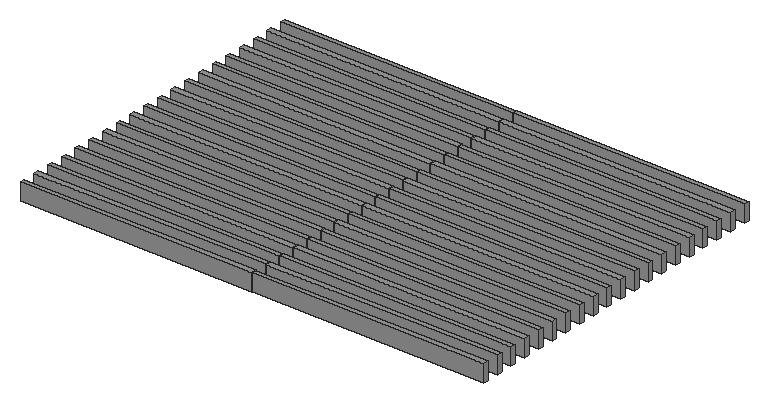
Revit family "BFL-FLD-001_RTV", category Modelos genéricos, Revit 2022
Family settings
  Puede alojar armadura = No
  Cota de conector redondo = Diámetro de uso
  Tipo de pieza = Normal
  Se basa en plano de trabajo = No
  Siempre vertical = Sí
  Corte con vacíos al cargar = No
  Mantener orientación de anotación = No
  Compartido = No
  Punto de cálculo de habitación = No
Parameters
  Elevación por defecto = 0.00"
Reference planes (in)
  plane 1 "Centro (Frontal/Posterior)": y = 0
  plane 2: z = 0
  plane 3 "Centro (Izquierda/Derecha)": x = 0
Forms (in)
  Extrusion 1, solid
    sketch origin (0, 0, 0) x (1, 0, 0) y (0, 1, 0)
      loop
        line (0, 2.25) -> (0, 0) -> (108, 0) -> (108, 2.25) -> (0, 2.25)
    from 0 to 8
  Extrusion 2, solid, not visible
    sketch origin (0, 0, 0) x (1, 0, 0) y (0, 1, 0)
      loop
        line (0, 2.25) -> (0, 0) -> (108, 0) -> (108, 2.25) -> (0, 2.25)
    from 0 to 8
  Extrusion 3, solid, not visible
    sketch origin (0, 0, 0) x (1, 0, 0) y (0, 1, 0)
      loop
        line (0, 2.25) -> (0, 0) -> (108, 0) -> (108, 2.25) -> (0, 2.25)
    from 0 to 8
  Extrusion 4, solid, not visible
    sketch origin (0, 8, 0) x (1, 0, 0) y (0, 1, 0)
      loop
        line (0, 2.25) -> (0, 0) -> (108, 0) -> (108, 2.25) -> (0, 2.25)
    from 0 to 8
  Extrusion 5, solid, not visible
    sketch origin (0, 16, 0) x (1, 0, 0) y (0, 1, 0)
      loop
        line (0, 2.25) -> (0, 0) -> (108, 0) -> (108, 2.25) -> (0, 2.25)
    from 0 to 8
  Extrusion 6, solid, not visible
    sketch origin (0, 24, 0) x (1, 0, 0) y (0, 1, 0)
      loop
        line (0, 2.25) -> (0, 0) -> (108, 0) -> (108, 2.25) -> (0, 2.25)
    from 0 to 8
  Extrusion 7, solid, not visible
    sketch origin (0, 32, 0) x (1, 0, 0) y (0, 1, 0)
      loop
        line (0, 2.25) -> (0, 0) -> (108, 0) -> (108, 2.25) -> (0, 2.25)
    from 0 to 8
  Extrusion 8, solid, not visible
    sketch origin (0, 40, 0) x (1, 0, 0) y (0, 1, 0)
      loop
        line (0, 2.25) -> (0, 0) -> (108, 0) -> (108, 2.25) -> (0, 2.25)
    from 0 to 8
  Extrusion 9, solid, not visible
    sketch origin (0, 48, 0) x (1, 0, 0) y (0, 1, 0)
      loop
        line (0, 2.25) -> (0, 0) -> (108, 0) -> (108, 2.25) -> (0, 2.25)
    from 0 to 8
  Extrusion 10, solid, not visible
    sketch origin (0, 56, 0) x (1, 0, 0) y (0, 1, 0)
      loop
        line (0, 2.25) -> (0, 0) -> (108, 0) -> (108, 2.25) -> (0, 2.25)
    from 0 to 8
  Extrusion 11, solid, not visible
    sketch origin (0, 64, 0) x (1, 0, 0) y (0, 1, 0)
      loop
        line (0, 2.25) -> (0, 0) -> (108, 0) -> (108, 2.25) -> (0, 2.25)
    from 0 to 8
  Extrusion 12, solid, not visible
    sketch origin (0, 72, 0) x (1, 0, 0) y (0, 1, 0)
      loop
        line (0, 2.25) -> (0, 0) -> (108, 0) -> (108, 2.25) -> (0, 2.25)
    from 0 to 8
  Extrusion 13, solid, not visible
    sketch origin (0, 80, 0) x (1, 0, 0) y (0, 1, 0)
      loop
        line (0, 2.25) -> (0, 0) -> (108, 0) -> (108, 2.25) -> (0, 2.25)
    from 0 to 8
  Extrusion 14, solid, not visible
    sketch origin (0, 88, 0) x (1, 0, 0) y (0, 1, 0)
      loop
        line (0, 2.25) -> (0, 0) -> (108, 0) -> (108, 2.25) -> (0, 2.25)
    from 0 to 8
  Extrusion 15, solid, not visible
    sketch origin (0, 96, 0) x (1, 0, 0) y (0, 1, 0)
      loop
        line (0, 2.25) -> (0, 0) -> (108, 0) -> (108, 2.25) -> (0, 2.25)
    from 0 to 8
  Extrusion 16, solid, not visible
    sketch origin (0, 104, 0) x (1, 0, 0) y (0, 1, 0)
      loop
        line (0, 2.25) -> (0, 0) -> (108, 0) -> (108, 2.25) -> (0, 2.25)
    from 0 to 8
  Extrusion 17, solid, not visible
    sketch origin (0, 112, 0) x (1, 0, 0) y (0, 1, 0)
      loop
        line (0, 2.25) -> (0, 0) -> (108, 0) -> (108, 2.25) -> (0, 2.25)
    from 0 to 8
  Extrusion 18, solid, not visible
    sketch origin (0, 120, 0) x (1, 0, 0) y (0, 1, 0)
      loop
        line (0, 2.25) -> (0, 0) -> (108, 0) -> (108, 2.25) -> (0, 2.25)
    from 0 to 8
  Extrusion 19, solid, not visible
    sketch origin (0, 128, 0) x (1, 0, 0) y (0, 1, 0)
      loop
        line (0, 2.25) -> (0, 0) -> (108, 0) -> (108, 2.25) -> (0, 2.25)
    from 0 to 8
  Extrusion 20, solid, not visible
    sketch origin (0, 136, 0) x (1, 0, 0) y (0, 1, 0)
      loop
        line (0, 2.25) -> (0, 0) -> (108, 0) -> (108, 2.25) -> (0, 2.25)
    from 0 to 8
  Extrusion 21, solid, not visible
    sketch origin (0, 144, 0) x (1, 0, 0) y (0, 1, 0)
      loop
        line (0, 2.25) -> (0, 0) -> (108, 0) -> (108, 2.25) -> (0, 2.25)
    from 0 to 8
  Extrusion 22, solid, not visible
    sketch origin (0, 152, 0) x (1, 0, 0) y (0, 1, 0)
      loop
        line (0, 2.25) -> (0, 0) -> (108, 0) -> (108, 2.25) -> (0, 2.25)
    from 0 to 8
  Extrusion 23, solid, not visible
    sketch origin (109, 0, 0) x (1, 0, 0) y (0, 1, 0)
      loop
        line (0, 2.25) -> (0, 0) -> (108, 0) -> (108, 2.25) -> (0, 2.25)
    from 0 to 8
  Extrusion 24, solid, not visible
    sketch origin (109, 8, 0) x (1, 0, 0) y (0, 1, 0)
      loop
        line (0, 2.25) -> (0, 0) -> (108, 0) -> (108, 2.25) -> (0, 2.25)
    from 0 to 8
  Extrusion 25, solid, not visible
    sketch origin (109, 16, 0) x (1, 0, 0) y (0, 1, 0)
      loop
        line (0, 2.25) -> (0, 0) -> (108, 0) -> (108, 2.25) -> (0, 2.25)
    from 0 to 8
  Extrusion 26, solid, not visible
    sketch origin (109, 24, 0) x (1, 0, 0) y (0, 1, 0)
      loop
        line (0, 2.25) -> (0, 0) -> (108, 0) -> (108, 2.25) -> (0, 2.25)
    from 0 to 8
  Extrusion 27, solid, not visible
    sketch origin (109, 32, 0) x (1, 0, 0) y (0, 1, 0)
      loop
        line (0, 2.25) -> (0, 0) -> (108, 0) -> (108, 2.25) -> (0, 2.25)
    from 0 to 8
  Extrusion 28, solid, not visible
    sketch origin (109, 40, 0) x (1, 0, 0) y (0, 1, 0)
      loop
        line (0, 2.25) -> (0, 0) -> (108, 0) -> (108, 2.25) -> (0, 2.25)
    from 0 to 8
  Extrusion 29, solid, not visible
    sketch origin (109, 48, 0) x (1, 0, 0) y (0, 1, 0)
      loop
        line (0, 2.25) -> (0, 0) -> (108, 0) -> (108, 2.25) -> (0, 2.25)
    from 0 to 8
  Extrusion 30, solid, not visible
    sketch origin (109, 56, 0) x (1, 0, 0) y (0, 1, 0)
      loop
        line (0, 2.25) -> (0, 0) -> (108, 0) -> (108, 2.25) -> (0, 2.25)
    from 0 to 8
  Extrusion 31, solid, not visible
    sketch origin (109, 64, 0) x (1, 0, 0) y (0, 1, 0)
      loop
        line (0, 2.25) -> (0, 0) -> (108, 0) -> (108, 2.25) -> (0, 2.25)
    from 0 to 8
  Extrusion 32, solid, not visible
    sketch origin (109, 72, 0) x (1, 0, 0) y (0, 1, 0)
      loop
        line (0, 2.25) -> (0, 0) -> (108, 0) -> (108, 2.25) -> (0, 2.25)
    from 0 to 8
  Extrusion 33, solid, not visible
    sketch origin (109, 80, 0) x (1, 0, 0) y (0, 1, 0)
      loop
        line (0, 2.25) -> (0, 0) -> (108, 0) -> (108, 2.25) -> (0, 2.25)
    from 0 to 8
  Extrusion 34, solid, not visible
    sketch origin (109, 88, 0) x (1, 0, 0) y (0, 1, 0)
      loop
        line (0, 2.25) -> (0, 0) -> (108, 0) -> (108, 2.25) -> (0, 2.25)
    from 0 to 8
  Extrusion 35, solid, not visible
    sketch origin (109, 96, 0) x (1, 0, 0) y (0, 1, 0)
      loop
        line (0, 2.25) -> (0, 0) -> (108, 0) -> (108, 2.25) -> (0, 2.25)
    from 0 to 8
  Extrusion 36, solid, not visible
    sketch origin (109, 104, 0) x (1, 0, 0) y (0, 1, 0)
      loop
        line (0, 2.25) -> (0, 0) -> (108, 0) -> (108, 2.25) -> (0, 2.25)
    from 0 to 8
  Extrusion 37, solid, not visible
    sketch origin (109, 112, 0) x (1, 0, 0) y (0, 1, 0)
      loop
        line (0, 2.25) -> (0, 0) -> (108, 0) -> (108, 2.25) -> (0, 2.25)
    from 0 to 8
  Extrusion 38, solid, not visible
    sketch origin (109, 120, 0) x (1, 0, 0) y (0, 1, 0)
      loop
        line (0, 2.25) -> (0, 0) -> (108, 0) -> (108, 2.25) -> (0, 2.25)
    from 0 to 8
  Extrusion 39, solid, not visible
    sketch origin (109, 128, 0) x (1, 0, 0) y (0, 1, 0)
      loop
        line (0, 2.25) -> (0, 0) -> (108, 0) -> (108, 2.25) -> (0, 2.25)
    from 0 to 8
  Extrusion 40, solid, not visible
    sketch origin (109, 136, 0) x (1, 0, 0) y (0, 1, 0)
      loop
        line (0, 2.25) -> (0, 0) -> (108, 0) -> (108, 2.25) -> (0, 2.25)
    from 0 to 8
  Extrusion 41, solid, not visible
    sketch origin (109, 144, 0) x (1, 0, 0) y (0, 1, 0)
      loop
        line (0, 2.25) -> (0, 0) -> (108, 0) -> (108, 2.25) -> (0, 2.25)
    from 0 to 8
  Extrusion 42, solid, not visible
    sketch origin (109, 152, 0) x (1, 0, 0) y (0, 1, 0)
      loop
        line (0, 2.25) -> (0, 0) -> (108, 0) -> (108, 2.25) -> (0, 2.25)
    from 0 to 8
  Extrusion 43, solid, not visible
    sketch origin (-108, 0, 0) x (1, 0, 0) y (0, 1, 0)
      loop
        line (0, 2.25) -> (0, 0) -> (108, 0) -> (108, 2.25) -> (0, 2.25)
    from 0 to 8
  Extrusion 44, solid, not visible
    sketch origin (-108, 8, 0) x (1, 0, 0) y (0, 1, 0)
      loop
        line (0, 2.25) -> (0, 0) -> (108, 0) -> (108, 2.25) -> (0, 2.25)
    from 0 to 8
  Extrusion 45, solid, not visible
    sketch origin (-108, 16, 0) x (1, 0, 0) y (0, 1, 0)
      loop
        line (0, 2.25) -> (0, 0) -> (108, 0) -> (108, 2.25) -> (0, 2.25)
    from 0 to 8
  Extrusion 46, solid, not visible
    sketch origin (-108, 24, 0) x (1, 0, 0) y (0, 1, 0)
      loop
        line (0, 2.25) -> (0, 0) -> (108, 0) -> (108, 2.25) -> (0, 2.25)
    from 0 to 8
  Extrusion 47, solid, not visible
    sketch origin (-108, 32, 0) x (1, 0, 0) y (0, 1, 0)
      loop
        line (0, 2.25) -> (0, 0) -> (108, 0) -> (108, 2.25) -> (0, 2.25)
    from 0 to 8
  Extrusion 48, solid, not visible
    sketch origin (-108, 40, 0) x (1, 0, 0) y (0, 1, 0)
      loop
        line (0, 2.25) -> (0, 0) -> (108, 0) -> (108, 2.25) -> (0, 2.25)
    from 0 to 8
  Extrusion 49, solid, not visible
    sketch origin (1, 0, 0) x (1, 0, 0) y (0, 1, 0)
      loop
        line (0, 2.25) -> (0, 0) -> (108, 0) -> (108, 2.25) -> (0, 2.25)
    from 0 to 8
  Extrusion 50, solid, not visible
    sketch origin (1, 8, 0) x (1, 0, 0) y (0, 1, 0)
      loop
        line (0, 2.25) -> (0, 0) -> (108, 0) -> (108, 2.25) -> (0, 2.25)
    from 0 to 8
  Extrusion 51, solid, not visible
    sketch origin (1, 16, 0) x (1, 0, 0) y (0, 1, 0)
      loop
        line (0, 2.25) -> (0, 0) -> (108, 0) -> (108, 2.25) -> (0, 2.25)
    from 0 to 8
  Extrusion 52, solid, not visible
    sketch origin (1, 24, 0) x (1, 0, 0) y (0, 1, 0)
      loop
        line (0, 2.25) -> (0, 0) -> (108, 0) -> (108, 2.25) -> (0, 2.25)
    from 0 to 8
  Extrusion 53, solid, not visible
    sketch origin (1, 32, 0) x (1, 0, 0) y (0, 1, 0)
      loop
        line (0, 2.25) -> (0, 0) -> (108, 0) -> (108, 2.25) -> (0, 2.25)
    from 0 to 8
  Extrusion 54, solid, not visible
    sketch origin (1, 40, 0) x (1, 0, 0) y (0, 1, 0)
      loop
        line (0, 2.25) -> (0, 0) -> (108, 0) -> (108, 2.25) -> (0, 2.25)
    from 0 to 8
  Extrusion 55, solid, not visible
    sketch origin (-108, 48, 0) x (1, 0, 0) y (0, 1, 0)
      loop
        line (0, 2.25) -> (0, 0) -> (108, 0) -> (108, 2.25) -> (0, 2.25)
    from 0 to 8
  Extrusion 56, solid, not visible
    sketch origin (-108, 56, 0) x (1, 0, 0) y (0, 1, 0)
      loop
        line (0, 2.25) -> (0, 0) -> (108, 0) -> (108, 2.25) -> (0, 2.25)
    from 0 to 8
  Extrusion 57, solid, not visible
    sketch origin (-108, 64, 0) x (1, 0, 0) y (0, 1, 0)
      loop
        line (0, 2.25) -> (0, 0) -> (108, 0) -> (108, 2.25) -> (0, 2.25)
    from 0 to 8
  Extrusion 58, solid, not visible
    sketch origin (-108, 72, 0) x (1, 0, 0) y (0, 1, 0)
      loop
        line (0, 2.25) -> (0, 0) -> (108, 0) -> (108, 2.25) -> (0, 2.25)
    from 0 to 8
  Extrusion 59, solid, not visible
    sketch origin (-108, 80, 0) x (1, 0, 0) y (0, 1, 0)
      loop
        line (0, 2.25) -> (0, 0) -> (108, 0) -> (108, 2.25) -> (0, 2.25)
    from 0 to 8
  Extrusion 60, solid, not visible
    sketch origin (1, 48, 0) x (1, 0, 0) y (0, 1, 0)
      loop
        line (0, 2.25) -> (0, 0) -> (108, 0) -> (108, 2.25) -> (0, 2.25)
    from 0 to 8
  Extrusion 61, solid, not visible
    sketch origin (1, 56, 0) x (1, 0, 0) y (0, 1, 0)
      loop
        line (0, 2.25) -> (0, 0) -> (108, 0) -> (108, 2.25) -> (0, 2.25)
    from 0 to 8
  Extrusion 62, solid, not visible
    sketch origin (1, 64, 0) x (1, 0, 0) y (0, 1, 0)
      loop
        line (0, 2.25) -> (0, 0) -> (108, 0) -> (108, 2.25) -> (0, 2.25)
    from 0 to 8
  Extrusion 63, solid, not visible
    sketch origin (1, 72, 0) x (1, 0, 0) y (0, 1, 0)
      loop
        line (0, 2.25) -> (0, 0) -> (108, 0) -> (108, 2.25) -> (0, 2.25)
    from 0 to 8
  Extrusion 64, solid, not visible
    sketch origin (1, 80, 0) x (1, 0, 0) y (0, 1, 0)
      loop
        line (0, 2.25) -> (0, 0) -> (108, 0) -> (108, 2.25) -> (0, 2.25)
    from 0 to 8
  Extrusion 65, solid, not visible
    sketch origin (-108, 88, 0) x (1, 0, 0) y (0, 1, 0)
      loop
        line (0, 2.25) -> (0, 0) -> (108, 0) -> (108, 2.25) -> (0, 2.25)
    from 0 to 8
  Extrusion 66, solid, not visible
    sketch origin (-108, 96, 0) x (1, 0, 0) y (0, 1, 0)
      loop
        line (0, 2.25) -> (0, 0) -> (108, 0) -> (108, 2.25) -> (0, 2.25)
    from 0 to 8
  Extrusion 67, solid, not visible
    sketch origin (-108, 104, 0) x (1, 0, 0) y (0, 1, 0)
      loop
        line (0, 2.25) -> (0, 0) -> (108, 0) -> (108, 2.25) -> (0, 2.25)
    from 0 to 8
  Extrusion 68, solid, not visible
    sketch origin (-108, 112, 0) x (1, 0, 0) y (0, 1, 0)
      loop
        line (0, 2.25) -> (0, 0) -> (108, 0) -> (108, 2.25) -> (0, 2.25)
    from 0 to 8
  Extrusion 69, solid, not visible
    sketch origin (-108, 120, 0) x (1, 0, 0) y (0, 1, 0)
      loop
        line (0, 2.25) -> (0, 0) -> (108, 0) -> (108, 2.25) -> (0, 2.25)
    from 0 to 8
  Extrusion 70, solid, not visible
    sketch origin (1, 88, 0) x (1, 0, 0) y (0, 1, 0)
      loop
        line (0, 2.25) -> (0, 0) -> (108, 0) -> (108, 2.25) -> (0, 2.25)
    from 0 to 8
  Extrusion 71, solid, not visible
    sketch origin (1, 96, 0) x (1, 0, 0) y (0, 1, 0)
      loop
        line (0, 2.25) -> (0, 0) -> (108, 0) -> (108, 2.25) -> (0, 2.25)
    from 0 to 8
  Extrusion 72, solid, not visible
    sketch origin (1, 104, 0) x (1, 0, 0) y (0, 1, 0)
      loop
        line (0, 2.25) -> (0, 0) -> (108, 0) -> (108, 2.25) -> (0, 2.25)
    from 0 to 8
  Extrusion 73, solid, not visible
    sketch origin (1, 112, 0) x (1, 0, 0) y (0, 1, 0)
      loop
        line (0, 2.25) -> (0, 0) -> (108, 0) -> (108, 2.25) -> (0, 2.25)
    from 0 to 8
  Extrusion 74, solid, not visible
    sketch origin (1, 120, 0) x (1, 0, 0) y (0, 1, 0)
      loop
        line (0, 2.25) -> (0, 0) -> (108, 0) -> (108, 2.25) -> (0, 2.25)
    from 0 to 8
  Extrusion 75, solid, not visible
    sketch origin (-108, 128, 0) x (1, 0, 0) y (0, 1, 0)
      loop
        line (0, 2.25) -> (0, 0) -> (108, 0) -> (108, 2.25) -> (0, 2.25)
    from 0 to 8
  Extrusion 76, solid, not visible
    sketch origin (-108, 136, 0) x (1, 0, 0) y (0, 1, 0)
      loop
        line (0, 2.25) -> (0, 0) -> (108, 0) -> (108, 2.25) -> (0, 2.25)
    from 0 to 8
  Extrusion 77, solid, not visible
    sketch origin (-108, 144, 0) x (1, 0, 0) y (0, 1, 0)
      loop
        line (0, 2.25) -> (0, 0) -> (108, 0) -> (108, 2.25) -> (0, 2.25)
    from 0 to 8
  Extrusion 78, solid, not visible
    sketch origin (-108, 152, 0) x (1, 0, 0) y (0, 1, 0)
      loop
        line (0, 2.25) -> (0, 0) -> (108, 0) -> (108, 2.25) -> (0, 2.25)
    from 0 to 8
  Extrusion 79, solid, not visible
    sketch origin (-108, 160, 0) x (1, 0, 0) y (0, 1, 0)
      loop
        line (0, 2.25) -> (0, 0) -> (108, 0) -> (108, 2.25) -> (0, 2.25)
    from 0 to 8
  Extrusion 80, solid, not visible
    sketch origin (1, 128, 0) x (1, 0, 0) y (0, 1, 0)
      loop
        line (0, 2.25) -> (0, 0) -> (108, 0) -> (108, 2.25) -> (0, 2.25)
    from 0 to 8
  Extrusion 81, solid, not visible
    sketch origin (1, 136, 0) x (1, 0, 0) y (0, 1, 0)
      loop
        line (0, 2.25) -> (0, 0) -> (108, 0) -> (108, 2.25) -> (0, 2.25)
    from 0 to 8
  Extrusion 82, solid, not visible
    sketch origin (1, 144, 0) x (1, 0, 0) y (0, 1, 0)
      loop
        line (0, 2.25) -> (0, 0) -> (108, 0) -> (108, 2.25) -> (0, 2.25)
    from 0 to 8
  Extrusion 83, solid, not visible
    sketch origin (1, 152, 0) x (1, 0, 0) y (0, 1, 0)
      loop
        line (0, 2.25) -> (0, 0) -> (108, 0) -> (108, 2.25) -> (0, 2.25)
    from 0 to 8
  Extrusion 84, solid, not visible
    sketch origin (1, 160, 0) x (1, 0, 0) y (0, 1, 0)
      loop
        line (0, 2.25) -> (0, 0) -> (108, 0) -> (108, 2.25) -> (0, 2.25)
    from 0 to 8
  Extrusion 85, solid
    sketch origin (108.25, 0, 0) x (1, 0, 0) y (0, 1, 0)
      loop
        line (0, 2.25) -> (0, 0) -> (108, 0) -> (108, 2.25) -> (0, 2.25)
    from 0 to 8
  Extrusion 86, solid
    sketch origin (0, 8, 0) x (1, 0, 0) y (0, 1, 0)
      loop
        line (0, 2.25) -> (0, 0) -> (108, 0) -> (108, 2.25) -> (0, 2.25)
    from 0 to 8
  Extrusion 87, solid
    sketch origin (108.25, 8, 0) x (1, 0, 0) y (0, 1, 0)
      loop
        line (0, 2.25) -> (0, 0) -> (108, 0) -> (108, 2.25) -> (0, 2.25)
    from 0 to 8
  Extrusion 88, solid
    sketch origin (0, 16, 0) x (1, 0, 0) y (0, 1, 0)
      loop
        line (0, 2.25) -> (0, 0) -> (108, 0) -> (108, 2.25) -> (0, 2.25)
    from 0 to 8
  Extrusion 89, solid
    sketch origin (108.25, 16, 0) x (1, 0, 0) y (0, 1, 0)
      loop
        line (0, 2.25) -> (0, 0) -> (108, 0) -> (108, 2.25) -> (0, 2.25)
    from 0 to 8
  Extrusion 90, solid
    sketch origin (0, 24, 0) x (1, 0, 0) y (0, 1, 0)
      loop
        line (0, 2.25) -> (0, 0) -> (108, 0) -> (108, 2.25) -> (0, 2.25)
    from 0 to 8
  Extrusion 91, solid
    sketch origin (108.25, 24, 0) x (1, 0, 0) y (0, 1, 0)
      loop
        line (0, 2.25) -> (0, 0) -> (108, 0) -> (108, 2.25) -> (0, 2.25)
    from 0 to 8
  Extrusion 92, solid
    sketch origin (0, 32, 0) x (1, 0, 0) y (0, 1, 0)
      loop
        line (0, 2.25) -> (0, 0) -> (108, 0) -> (108, 2.25) -> (0, 2.25)
    from 0 to 8
  Extrusion 93, solid
    sketch origin (108.25, 32, 0) x (1, 0, 0) y (0, 1, 0)
      loop
        line (0, 2.25) -> (0, 0) -> (108, 0) -> (108, 2.25) -> (0, 2.25)
    from 0 to 8
  Extrusion 94, solid
    sketch origin (0, 40, 0) x (1, 0, 0) y (0, 1, 0)
      loop
        line (0, 2.25) -> (0, 0) -> (108, 0) -> (108, 2.25) -> (0, 2.25)
    from 0 to 8
  Extrusion 95, solid
    sketch origin (108.25, 40, 0) x (1, 0, 0) y (0, 1, 0)
      loop
        line (0, 2.25) -> (0, 0) -> (108, 0) -> (108, 2.25) -> (0, 2.25)
    from 0 to 8
  Extrusion 96, solid
    sketch origin (0, 48, 0) x (1, 0, 0) y (0, 1, 0)
      loop
        line (0, 2.25) -> (0, 0) -> (108, 0) -> (108, 2.25) -> (0, 2.25)
    from 0 to 8
  Extrusion 97, solid
    sketch origin (108.25, 48, 0) x (1, 0, 0) y (0, 1, 0)
      loop
        line (0, 2.25) -> (0, 0) -> (108, 0) -> (108, 2.25) -> (0, 2.25)
    from 0 to 8
  Extrusion 98, solid
    sketch origin (0, 56, 0) x (1, 0, 0) y (0, 1, 0)
      loop
        line (0, 2.25) -> (0, 0) -> (108, 0) -> (108, 2.25) -> (0, 2.25)
    from 0 to 8
  Extrusion 99, solid
    sketch origin (108.25, 56, 0) x (1, 0, 0) y (0, 1, 0)
      loop
        line (0, 2.25) -> (0, 0) -> (108, 0) -> (108, 2.25) -> (0, 2.25)
    from 0 to 8
  Extrusion 100, solid
    sketch origin (0, 64, 0) x (1, 0, 0) y (0, 1, 0)
      loop
        line (0, 2.25) -> (0, 0) -> (108, 0) -> (108, 2.25) -> (0, 2.25)
    from 0 to 8
  Extrusion 101, solid
    sketch origin (108.25, 64, 0) x (1, 0, 0) y (0, 1, 0)
      loop
        line (0, 2.25) -> (0, 0) -> (108, 0) -> (108, 2.25) -> (0, 2.25)
    from 0 to 8
  Extrusion 102, solid
    sketch origin (0, 72, 0) x (1, 0, 0) y (0, 1, 0)
      loop
        line (0, 2.25) -> (0, 0) -> (108, 0) -> (108, 2.25) -> (0, 2.25)
    from 0 to 8
  Extrusion 103, solid
    sketch origin (108.25, 72, 0) x (1, 0, 0) y (0, 1, 0)
      loop
        line (0, 2.25) -> (0, 0) -> (108, 0) -> (108, 2.25) -> (0, 2.25)
    from 0 to 8
  Extrusion 104, solid
    sketch origin (0, 80, 0) x (1, 0, 0) y (0, 1, 0)
      loop
        line (0, 2.25) -> (0, 0) -> (108, 0) -> (108, 2.25) -> (0, 2.25)
    from 0 to 8
  Extrusion 105, solid
    sketch origin (108.25, 80, 0) x (1, 0, 0) y (0, 1, 0)
      loop
        line (0, 2.25) -> (0, 0) -> (108, 0) -> (108, 2.25) -> (0, 2.25)
    from 0 to 8
  Extrusion 106, solid
    sketch origin (0, 88, 0) x (1, 0, 0) y (0, 1, 0)
      loop
        line (0, 2.25) -> (0, 0) -> (108, 0) -> (108, 2.25) -> (0, 2.25)
    from 0 to 8
  Extrusion 107, solid
    sketch origin (108.25, 88, 0) x (1, 0, 0) y (0, 1, 0)
      loop
        line (0, 2.25) -> (0, 0) -> (108, 0) -> (108, 2.25) -> (0, 2.25)
    from 0 to 8
  Extrusion 108, solid
    sketch origin (0, 96, 0) x (1, 0, 0) y (0, 1, 0)
      loop
        line (0, 2.25) -> (0, 0) -> (108, 0) -> (108, 2.25) -> (0, 2.25)
    from 0 to 8
  Extrusion 109, solid
    sketch origin (108.25, 96, 0) x (1, 0, 0) y (0, 1, 0)
      loop
        line (0, 2.25) -> (0, 0) -> (108, 0) -> (108, 2.25) -> (0, 2.25)
    from 0 to 8
  Extrusion 110, solid
    sketch origin (0, 104, 0) x (1, 0, 0) y (0, 1, 0)
      loop
        line (0, 2.25) -> (0, 0) -> (108, 0) -> (108, 2.25) -> (0, 2.25)
    from 0 to 8
  Extrusion 111, solid
    sketch origin (108.25, 104, 0) x (1, 0, 0) y (0, 1, 0)
      loop
        line (0, 2.25) -> (0, 0) -> (108, 0) -> (108, 2.25) -> (0, 2.25)
    from 0 to 8
  Extrusion 112, solid
    sketch origin (0, 112, 0) x (1, 0, 0) y (0, 1, 0)
      loop
        line (0, 2.25) -> (0, 0) -> (108, 0) -> (108, 2.25) -> (0, 2.25)
    from 0 to 8
  Extrusion 113, solid
    sketch origin (108.25, 112, 0) x (1, 0, 0) y (0, 1, 0)
      loop
        line (0, 2.25) -> (0, 0) -> (108, 0) -> (108, 2.25) -> (0, 2.25)
    from 0 to 8
  Extrusion 114, solid
    sketch origin (0, 120, 0) x (1, 0, 0) y (0, 1, 0)
      loop
        line (0, 2.25) -> (0, 0) -> (108, 0) -> (108, 2.25) -> (0, 2.25)
    from 0 to 8
  Extrusion 115, solid
    sketch origin (108.25, 120, 0) x (1, 0, 0) y (0, 1, 0)
      loop
        line (0, 2.25) -> (0, 0) -> (108, 0) -> (108, 2.25) -> (0, 2.25)
    from 0 to 8
  Extrusion 116, solid
    sketch origin (0, 128, 0) x (1, 0, 0) y (0, 1, 0)
      loop
        line (0, 2.25) -> (0, 0) -> (108, 0) -> (108, 2.25) -> (0, 2.25)
    from 0 to 8
  Extrusion 117, solid
    sketch origin (108.25, 128, 0) x (1, 0, 0) y (0, 1, 0)
      loop
        line (0, 2.25) -> (0, 0) -> (108, 0) -> (108, 2.25) -> (0, 2.25)
    from 0 to 8
  Extrusion 118, solid
    sketch origin (0, 136, 0) x (1, 0, 0) y (0, 1, 0)
      loop
        line (0, 2.25) -> (0, 0) -> (108, 0) -> (108, 2.25) -> (0, 2.25)
    from 0 to 8
  Extrusion 119, solid
    sketch origin (108.25, 136, 0) x (1, 0, 0) y (0, 1, 0)
      loop
        line (0, 2.25) -> (0, 0) -> (108, 0) -> (108, 2.25) -> (0, 2.25)
    from 0 to 8
  Extrusion 120, solid
    sketch origin (0, 144, 0) x (1, 0, 0) y (0, 1, 0)
      loop
        line (0, 2.25) -> (0, 0) -> (108, 0) -> (108, 2.25) -> (0, 2.25)
    from 0 to 8
  Extrusion 121, solid
    sketch origin (108.25, 144, 0) x (1, 0, 0) y (0, 1, 0)
      loop
        line (0, 2.25) -> (0, 0) -> (108, 0) -> (108, 2.25) -> (0, 2.25)
    from 0 to 8
  Extrusion 122, solid
    sketch origin (0, 152, 0) x (1, 0, 0) y (0, 1, 0)
      loop
        line (0, 2.25) -> (0, 0) -> (108, 0) -> (108, 2.25) -> (0, 2.25)
    from 0 to 8
  Extrusion 123, solid
    sketch origin (108.25, 152, 0) x (1, 0, 0) y (0, 1, 0)
      loop
        line (0, 2.25) -> (0, 0) -> (108, 0) -> (108, 2.25) -> (0, 2.25)
    from 0 to 8
Dimensions and locks (in)
  Extrusion 1 to Extrusion 1 = 108.00"
  Extrusion 1 to Extrusion 1 = 2.25"
  Extrusion 86 to Extrusion 1 = 5.75"
  aligned and locked: level to plane 2
